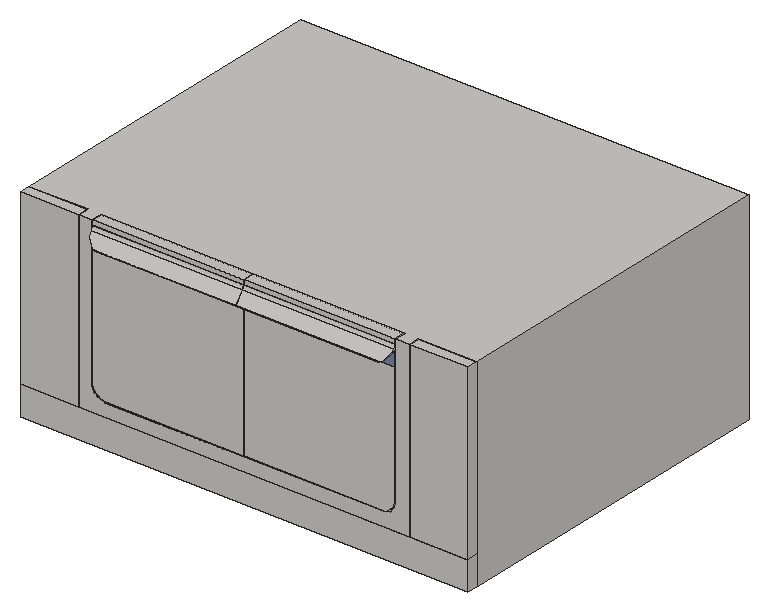
Revit family "QF_ELECTROLUXPROFESSIONAL_588583_MB1FCAJOOO", category Attrezzature speciali, Revit 2020
Family settings
  Quota connettore circolare = Usa diametro
  Tipo di parte = Normale
  Basato su piano di lavoro = No
  Sempre verticale = Sì
  Taglio con vuoti quando caricato = No
  Condiviso = No
  Punto di calcolo locali = No
Parameters (values of type "Standard")
  Weight = 31.00 kg
  Watts = 0 W
  Volts = 0 V
  URL Manufacturer = "https://www.electroluxprofessional.com/"
  URL = "https://www.electroluxprofessional.com/"
  Steam Supply Size = 0"
  Steam Supply Minimum Pressure = 0.00 psi
  Steam Supply Maximum Pressure = 0.00 psi
  Steam Consumption per Hour = 0
  Refrigeration Suction Line Size = 0 mm
  Refrigeration Liquid Line Size = 0 mm
  Refrigerant Compressor Remote = yes
  Prospetto di default = 0 mm
  Phase = 0
  Modello = "MB1FCAJOOO"
  Produttore = "Electrolux Professional"
  Length Actual = 1000 mm  # constant formula
  Item Number = "588583"
  Hot Water Size = 0"
  Height Actual = 450 mm  # constant formula
  HP = "0 HP"
  Gas Size = 0"
  Gas KW = 0
  Gas Input Pressure = 0.0 Btu/h
  Direct Waste Size = 0"
  Descrizione = "CUPBOARD BASE,H2,GN,2D,1S,1000X850X450H"
  Depth Actual = 850 mm  # constant formula
  Cycle = 0 Hz
  Condensate Return Size = 0"
  Compressed Air Volume = 0 GPM
  Compressed Air Size = 0"
  Compressed Air Pressure = 0.00 psi
  Cold Water Size = 0"
  Accessory = yes
Reference planes
  plane 1 "BACK": y = 0
  plane 2: z = 0
  plane 3 "LEFT": x = 0
  plane 4 "RIGHT": x = 1000
  plane 5 "FRONT": y = -850
  plane 6 "PLAIN": z = 900
  plane 7 "Center (Left/Right)": x = 500
  plane 8 "Center (Front/Back)": y = -425
  plane 9 "TOP": z = 650
  plane 10 "BASE": z = 200
  plane 11: x = 922
  plane 12: x = 78
  plane 13 "Feet_back": y = -150
  plane 14 "Feet_Front": y = -720
  plane 15: x = 130
  plane 16: x = 870
  plane 17: z = 265
  plane 18: y = -45
  plane 19: y = -805
  plane 20: y = -70
  plane 21: y = -830
  plane 22 "ButtonZ": z = 590
Forms (mm)
  Extrusion 1, solid, material "QF_Finishes_Stainless Steel"
    sketch origin (0, 0, 650) x (0, 1, 0) y (0, 0, 1)
      loop
        line (-45, -450) -> (-45, 0) -> (-805, 0) -> (-805, -450) -> (-45, -450)
    from 0 to 1000
  Extrusion 2, solid, material "QF_Finishes_Stainless Steel"
    sketch origin (0, 0, 650) x (0, 1, 0) y (0, 0, 1)
      loop
        line (-830, -450) -> (-805, -450) -> (-805, -385) -> (-830, -385) -> (-830, -450)
    from 0 to 1000
  Extrusion 3, void
    sketch origin (0, -850, 0) x (1, 0, 0) y (0, 0, 1)
      loop
        line (130, 650) -> (130, 265) -> (870, 265) -> (870, 650) -> (130, 650)
    from 0 to -780
  Extrusion 4, solid, material "QF_Finishes_Stainless Steel"
    sketch origin (0, -850, 0) x (1, 0, 0) y (0, 0, 1)
      loop
        line (160, 650) -> (160, 627) -> (840, 627) -> (840, 650) -> (160, 650)
    from -45 to -805
  Extrusion 5, solid, material "QF_Finishes_Stainless Steel"
    sketch origin (0, -850, 0) x (1, 0, 0) y (0, 0, 1)
      loop
        line (130, 650) -> (130, 265) -> (870, 265) -> (870, 650) -> (840, 650) -> (840, 325)
        arc (840, 325) -> (831.213, 303.787) -> (810, 295) r 30
        line (810, 295) -> (190, 295)
        arc (190, 295) -> (168.787, 303.787) -> (160, 325) r 30
        line (160, 325) -> (160, 650) -> (130, 650)
    from -20 to -780
  Extrusion 6, solid, material "QF_Finishes_Stainless Steel"
    sketch origin (0, -850, 0) x (1, 0, 0) y (0, 0, 1)
      loop
        line (0, 650) -> (0, 265) -> (130, 265) -> (130, 650) -> (0, 650)
    from -20 to -45
  Extrusion 7, solid, material "QF_Finishes_Stainless Steel"
    sketch origin (0, -850, 0) x (1, 0, 0) y (0, 0, 1)
      loop
        line (870, 650) -> (870, 265) -> (1000, 265) -> (1000, 650) -> (870, 650)
    from -20 to -45
Cuts and joins
  Extrusion 3 cuts Extrusion 1
  joined: Extrusion 1, Extrusion 4, Extrusion 5
Lines and regions (mm)
  symbolic lines, style "SpecialityEquipmentHiddenLines"
    curve 1: line (0, 0, 0) -> (1000, 0, 0)
    curve 2: line (0, -850, 0) -> (0, 0, 0)
    curve 3: line (1000, -850, 0) -> (0, -850, 0)
    curve 4: line (1000, 0, 0) -> (1000, -850, 0)
Dimensions and locks
  plane 3 "LEFT" to plane 4 "RIGHT" = 1000 mm
  plane 5 "FRONT" to plane 1 "BACK" = 850 mm
  equal spacing: plane 3 "LEFT", plane 7 "Center (Left/Right)", plane 4 "RIGHT"
  equal spacing: plane 5 "FRONT", plane 8 "Center (Front/Back)", plane 1 "BACK"
  plane 6 "PLAIN" to plane 9 "TOP" = 250 mm
  plane 10 "BASE" to level = 200 mm
  plane 9 "TOP" to plane 10 "BASE" = 450 mm
  locked: plane 1 "BACK" to plane 13 "Feet_back" at 150
  locked: plane 14 "Feet_Front" to plane 5 "FRONT" at 130
  locked: plane 12 to plane 3 "LEFT" at 78
  locked: plane 11 to plane 4 "RIGHT" at 78
  plane 16 to plane 15 = 740 mm
  equal spacing: plane 16, plane 7 "Center (Left/Right)", plane 15
  locked: plane 17 to plane 10 "BASE" at 65
  locked: plane 1 "BACK" to plane 18 at 45
  plane 9 "TOP" to Extrusion 4 sketch curve = 23 mm
  locked: Extrusion 4 sketch curve to plane 15 at 30
  locked: plane 16 to Extrusion 4 sketch curve at 30
  locked: Extrusion 5 sketch curve to plane 17 at 30
  plane 6 "PLAIN" to level = 900 mm
  Extrusion 5 to Extrusion 5 = 680 mm
  locked: plane 18 to plane 20 at 25
  locked: plane 21 to plane 5 "FRONT" at 20
  locked: plane 19 to plane 21 at 25
  plane 18 to plane 21 = 785 mm
  plane 22 "ButtonZ" to level = 590 mm
  aligned and locked: level to plane 2
  aligned and locked: Extrusion 1 to plane 4 "RIGHT"
  aligned and locked: Extrusion 1 to plane 3 "LEFT"
  aligned and locked: Extrusion 2 to plane 4 "RIGHT"
  aligned and locked: plane 9 "TOP" to Extrusion 3 sketch curve
  aligned and locked: Extrusion 3 sketch curve to plane 15
  aligned and locked: plane 16 to Extrusion 3 sketch curve
  aligned and locked: Extrusion 2 to plane 10 "BASE"
  aligned and locked: Extrusion 2 to plane 17
  aligned and locked: plane 17 to Extrusion 3 sketch curve
  aligned and locked: Extrusion 4 to plane 18
  aligned and locked: Extrusion 5 sketch curve to plane 15
  aligned and locked: plane 16 to Extrusion 5 sketch curve
  aligned and locked: plane 9 "TOP" to Extrusion 5 sketch curve  (x2)
  aligned and locked: plane 17 to Extrusion 5 sketch curve
  aligned and locked: Extrusion 5 sketch curve to Extrusion 4  (x2)
  aligned and locked: Extrusion 6 sketch curve to plane 9 "TOP"
  aligned and locked: plane 3 "LEFT" to Extrusion 6 sketch curve
  aligned and locked: Extrusion 6 sketch curve to plane 17
  aligned and locked: Extrusion 6 sketch curve to plane 15
  aligned and locked: Extrusion 7 sketch curve to plane 9 "TOP"
  aligned and locked: plane 16 to Extrusion 7 sketch curve
  aligned and locked: Extrusion 7 sketch curve to plane 17
  aligned and locked: plane 4 "RIGHT" to Extrusion 7 sketch curve
  aligned and locked: cut or joined group of Extrusion 1, Extrusion 3, Extrusion 4, Extrusion 5 to Extrusion 4
  aligned and locked: plane 7 "Center (Left/Right)" to nested 1
  aligned and locked: Extrusion 5 to plane 20
  aligned and locked: cut or joined group of Extrusion 1, Extrusion 3, Extrusion 4, Extrusion 5 to plane 20
  aligned and locked: cut or joined group of Extrusion 1, Extrusion 3, Extrusion 4, Extrusion 5 to plane 18
  aligned and locked: plane 19 to Extrusion 4
  aligned and locked: Extrusion 6 to plane 19
  aligned and locked: plane 21 to Extrusion 6
  aligned and locked: plane 21 to Extrusion 5
  aligned and locked: plane 21 to Extrusion 7
  aligned and locked: Extrusion 7 to plane 19
  aligned and locked: Extrusion 2 to plane 19
  aligned and locked: plane 21 to Extrusion 2
Automatic sketch dimensions
  Extrusion 1 sketch curve to plane 10 "BASE" = 0 mm
  Extrusion 1 sketch curve to plane 9 "TOP" = 0 mm
  plane 1 "BACK" to Extrusion 1 sketch curve = 45 mm
  Extrusion 1 sketch curve to plane 5 "FRONT" = 45 mm
  Extrusion 2 sketch curve to plane 5 "FRONT" = 20 mm
  Extrusion 2 sketch curve to plane 9 "TOP" = 385 mm
  plane 10 "BASE" to Extrusion 2 sketch curve = 0 mm
  Extrusion 2 sketch curve to plane 5 "FRONT" = 45 mm
  Extrusion 4 sketch curve to plane 9 "TOP" = 0 mm
  Extrusion 5 sketch curve to Extrusion 5 sketch curve = 30 mm  (x2)
  curve 3 to plane 3 "LEFT" = 0 mm
  curve 3 to plane 4 "RIGHT" = 0 mm
  plane 5 "FRONT" to curve 3 = 0 mm
  plane 1 "BACK" to curve 2 = 0 mm
Nested families
  nested 1: "H450H2_2DOOR" at (463.958, -805, 200) x (1, 0, 0) z (0, -1, 0), type "H450H2_2DOOR"
    with Width 680 mm, Wdoor 340 mm, Show Clearance yes
Definition of nested family "H450H2_2DOOR"
  Parameters
    Width [instance] = 580 mm
    Wdoor [instance] = Width / 2  # 290 mm
    Show Clearance [instance] = yes
    Model = "727995"
    Height = 450 mm
    Default Elevation = 0 mm
  Reference planes
    plane 1 "Center (Front/Back)": y = 0
    plane 2: z = 0
    plane 3 "Center (Left/Right)": x = 36.042
    plane 4 "panel": z = 25
    plane 5: x = -253.958
    plane 6: x = 326.042
    plane 7: y = 450
    plane 8: z = 290
    plane 9: z = 45
  Forms (mm)
    Extrusion 1, solid
      sketch origin (0, -919.2, 0) x (1, 0, 0) y (0, 1, 0)
        loop
          line (-980.5, 2119.2) -> (-980.5, -162.846) -> (881.94, -162.846) -> (881.94, 2119.2) -> (-980.5, 2119.2)
      from 0 to -59.546
    Extrusion 2, solid
      sketch origin (0, 0, 0) x (1, 0, 0) y (0, 1, 0)
        loop
          line (324.042, 393) -> (37.042, 393) -> (37.042, 97) -> (294.042, 97)
          arc (294.042, 97) -> (315.255, 105.787) -> (324.042, 127) r 30
          line (324.042, 127) -> (324.042, 393)
        loop
          arc (-251.958, 127) -> (-243.171, 105.787) -> (-221.958, 97) r 30
          line (-221.958, 97) -> (35.042, 97) -> (35.042, 393) -> (-251.958, 393) -> (-251.958, 127)
      from 0 to 25
    Extrusion 3, solid
      sketch origin (0, 0, 0) x (1, 0, 0) y (0, 1, 0)
        loop
          line (-251.958, 393) -> (35.042, 393) -> (35.042, 440) -> (-251.958, 440) -> (-251.958, 393)
        loop
          line (37.042, 440) -> (37.042, 393) -> (324.042, 393) -> (324.042, 440) -> (37.042, 440)
      from 0 to 25
    Extrusion 4, solid
      sketch origin (5.581, 79.805, 0) x (1, 0, 0) y (0, 1, 0)
        loop
          line (-257.539, 360.195) -> (29.461, 360.195) -> (29.461, 370.195) -> (-257.539, 370.195) -> (-257.539, 360.195)
        loop
          line (31.461, 370.195) -> (31.461, 360.195) -> (318.461, 360.195) -> (318.461, 370.195) -> (31.461, 370.195)
      from 0 to 25
    Extrusion 5, solid
      sketch origin (36.042, 0, 0) x (0, 1, 0) y (0, 0, 1)
        loop
          line (426.693, 25) -> (440.02, 25)
          arc (440.02, 25) -> (435.261, 25.775) -> (430.993, 28.02) r 15
          line (430.993, 28.02) -> (406.653, 46.362) -> (403.644, 42.369) -> (426.693, 25)
      from 1 to 288
    Extrusion 6, solid
      sketch origin (36.042, 0, 0) x (0, 1, 0) y (0, 0, 1)
        loop
          line (426.693, 25) -> (440.02, 25)
          arc (440.02, 25) -> (435.261, 25.775) -> (430.993, 28.02) r 15
          line (430.993, 28.02) -> (406.653, 46.362) -> (403.644, 42.369) -> (426.693, 25)
      from -288 to -1
    Extrusion 7, void
      sketch origin (0, 0, 0) x (1, 0, 0) y (0, 1, 0)
        loop
          arc (324.042, 426.693) -> (314.508, 412.772) -> (300.317, 403.644) r 42.603
          line (300.317, 403.644) -> (324.042, 403.644) -> (324.042, 426.693)
      from 0 to 47.9
    Extrusion 8, void
      sketch origin (72.084, 0, 0) x (-1, 0, 0) y (0, -1, 0)
        loop
          line (324.042, -426.693) -> (324.042, -403.644) -> (300.317, -403.644)
          arc (300.317, -403.644) -> (314.508, -412.772) -> (324.042, -426.693) r 42.603
      from 0 to 47.9
    Extrusion 9, solid, detail levels coarse
      sketch origin (0, 0, 0) x (1, 0, 0) y (0, 0, 1)
        loop
          arc (36.042, 25) -> (-41.575, 212.383) -> (-228.958, 290) r 265
          line (-228.958, 290) -> (-228.958, 25) -> (36.042, 25)
      from -450 to -97
    Extrusion 10, solid, detail levels coarse
      sketch origin (0, 0, 0) x (1, 0, 0) y (0, 0, 1)
        loop
          arc (301.042, 290) -> (113.659, 212.383) -> (36.042, 25) r 265
          line (36.042, 25) -> (301.042, 25) -> (301.042, 290)
      from -450 to -97
  Cuts and joins
    Extrusion 8 cuts Extrusion 6
    Extrusion 7 cuts Extrusion 5
  Lines and regions (mm)
    symbolic lines
      curve 1: line (326.042, 0, 45) -> (326.042, 0, 290)
      curve 2: line (301.042, 0, 45) -> (301.042, 0, 290)
      curve 3: line (326.042, 0, 290) -> (301.042, 0, 290)
      curve 4: line (-253.958, 0, 45) -> (-253.958, 0, 290)
      curve 5: line (-228.958, 0, 45) -> (-228.958, 0, 290)
      curve 6: line (-253.958, 0, 290) -> (-228.958, 0, 290)
      curve 7: arc (301.042, 0, 290) -> (120.901, 0, 219.356) -> (36.804, 0, 45.088) r 265
      curve 8: arc (35.286, 0, 44.997) -> (-48.783, 0, 219.325) -> (-228.958, 0, 290) r 265
  Dimensions and locks
    plane 4 "panel" to level = 25 mm
    "Width": plane 5 to plane 6
    equal spacing: plane 5, plane 3 "Center (Left/Right)", plane 6
    "Height": plane 1 "Center (Front/Back)" to plane 7
    locked: plane 5 to Extrusion 2 sketch curve at 2
    locked: Extrusion 2 sketch curve to plane 6 at 2
    locked: plane 1 "Center (Front/Back)" to Extrusion 2 sketch curve at 97
    locked: plane 7 to Extrusion 2 sketch curve at 57
    locked: Extrusion 2 sketch curve to plane 3 "Center (Left/Right)" at 1
    locked: plane 3 "Center (Left/Right)" to Extrusion 2 sketch curve at 1
    Extrusion 3 sketch curve to Extrusion 2 = 47 mm
    "Wdoor": plane 8 to level
    locked: curve 2 to curve 1 at 25
    locked: curve 5 to curve 4 at 25
    plane 4 "panel" to plane 9 = 20 mm
    aligned and locked: plane 2 to Extrusion 1
    aligned and locked: level to Extrusion 1
    aligned and locked: plane 4 "panel" to Extrusion 2
    aligned and locked: Extrusion 2 to Extrusion 3 sketch curve
    aligned and locked: Extrusion 3 sketch curve to Extrusion 2  (x2)
    aligned and locked: Extrusion 3 sketch curve to Extrusion 3 sketch curve
    aligned and locked: plane 4 "panel" to Extrusion 3
    aligned and locked: Extrusion 4 sketch curve to Extrusion 4 sketch curve
    aligned and locked: Extrusion 4 sketch curve to Extrusion 3  (x3)
    aligned and locked: Extrusion 3 to Extrusion 4 sketch curve
    aligned and locked: Extrusion 4 sketch curve to plane 7
    aligned and locked: Extrusion 3 to Extrusion 5
    aligned and locked: Extrusion 5 to Extrusion 3
    aligned and locked: Extrusion 6 to Extrusion 3
    aligned and locked: Extrusion 3 to Extrusion 6
    aligned and locked: Extrusion 7 sketch curve to Extrusion 5
    aligned and locked: Extrusion 8 to Extrusion 6
    aligned and locked: Extrusion 4 to Extrusion 8
    aligned and locked: Extrusion 2 to Extrusion 7
    aligned and locked: Extrusion 7 to Extrusion 5
    aligned and locked: Extrusion 4 to Extrusion 3  (x2)
    aligned and locked: Extrusion 3 to Extrusion 2
    aligned and locked: Extrusion 4 to Extrusion 2
    aligned and locked: curve 3 to plane 8
    aligned and locked: curve 1 to plane 6
    aligned and locked: curve 4 to plane 5
    aligned and locked: Extrusion 9 sketch curve to plane 4 "panel"
    aligned and locked: Extrusion 10 sketch curve to curve 7
    aligned and locked: Extrusion 10 sketch curve to curve 2
    aligned and locked: Extrusion 2 to Extrusion 9
    aligned and locked: Extrusion 2 to Extrusion 10
    aligned and locked: plane 7 to Extrusion 9
    aligned and locked: Extrusion 3 to Extrusion 4
  Automatic sketch dimensions
    Extrusion 1 sketch curve to Extrusion 1 sketch curve = 1862.44 mm
    Extrusion 1 sketch curve to Extrusion 1 sketch curve = 2282.046 mm
    Extrusion 2 sketch curve to Extrusion 2 sketch curve = 30 mm  (x2)
    Extrusion 2 sketch curve to plane 1 "Center (Front/Back)" = 97 mm
    Extrusion 2 sketch curve to Extrusion 2 sketch curve = 0 mm
    Extrusion 3 sketch curve to plane 3 "Center (Left/Right)" = 1 mm
    plane 5 to Extrusion 3 sketch curve = 2 mm
    Extrusion 3 sketch curve to Extrusion 3 sketch curve = 0 mm
    Extrusion 5 sketch curve to plane 4 "panel" = 0 mm
    plane 4 "panel" to Extrusion 5 sketch curve = 17.369 mm
    Extrusion 5 sketch curve to plane 7 = 46.356 mm
    plane 4 "panel" to Extrusion 5 sketch curve = 21.362 mm
    Extrusion 5 sketch curve to Extrusion 5 sketch curve = 3.009 mm
    plane 4 "panel" to Extrusion 5 sketch curve = 3.02 mm
    Extrusion 5 sketch curve to Extrusion 5 sketch curve = 9.027 mm
    Extrusion 6 sketch curve to plane 4 "panel" = 0 mm
    plane 4 "panel" to Extrusion 6 sketch curve = 17.369 mm
    Extrusion 6 sketch curve to plane 7 = 46.356 mm
    plane 4 "panel" to Extrusion 6 sketch curve = 21.362 mm
    Extrusion 6 sketch curve to Extrusion 6 sketch curve = 3.009 mm
    plane 4 "panel" to Extrusion 6 sketch curve = 3.02 mm
    Extrusion 6 sketch curve to Extrusion 6 sketch curve = 9.027 mm
    Extrusion 7 sketch curve to Extrusion 7 sketch curve = 23.725 mm
    Extrusion 7 sketch curve to plane 7 = 6.671 mm
    Extrusion 7 sketch curve to plane 6 = 41.221 mm
    Extrusion 7 sketch curve to plane 7 = 23.307 mm
    plane 7 to Extrusion 8 sketch curve = 6.671 mm
    Extrusion 8 sketch curve to plane 5 = 41.221 mm
    Extrusion 8 sketch curve to plane 5 = 25.725 mm
    Extrusion 8 sketch curve to plane 5 = 2 mm
    plane 7 to Extrusion 8 sketch curve = 23.307 mm
    Extrusion 4 sketch curve to Extrusion 4 sketch curve = 10 mm
    Extrusion 4 sketch curve to plane 7 = 10 mm
    curve 2 to plane 9 = 0 mm
    curve 5 to plane 9 = 0 mm
    curve 4 to plane 9 = 0 mm
    curve 1 to plane 9 = 0 mm
    curve 8 to plane 4 "panel" = 0 mm
    curve 5 to plane 8 = 0 mm
    curve 8 to plane 9 = 0.003 mm
    curve 7 to plane 4 "panel" = 0 mm
    plane 9 to curve 7 = 0.088 mm
